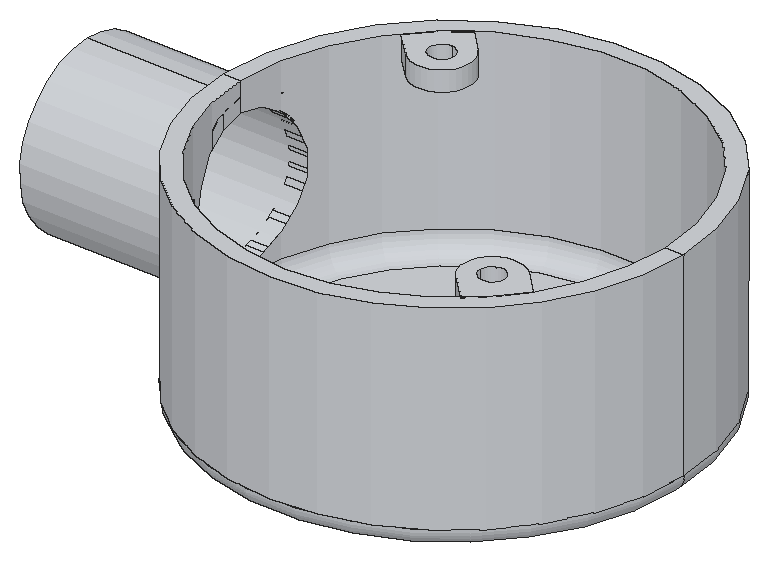
Revit family "CL1G", category Generic Models, Revit 2017
Family settings
  Can host rebar = No
  Round Connector Dimension = Use Diameter
  Part Type = Normal
  Work Plane-Based = Yes
  Always vertical = No
  Cut with Voids When Loaded = No
  Shared = No
  Room Calculation Point = No
Parameters (values of type "NBS Standard Parameters")
  Weight = "0.226Kg"
  WarrantyStartDate [instance] = "1900-12-31T23:59:59"
  WarrantyGuarantorParts = "n/a"
  WarrantyGuarantorLabor = "n/a"
  WarrantyDurationUnit = "1 year"
  WarrantyDurationParts = "n/a"
  WarrantyDurationLabor = "n/a"
  WarrantyDescription = "n/a"
  Version = "1"
  Uniclass2 = "Pr_65_70_11_20"
  TagNumber [instance] = "n/a"
  SustainabilityPerformance = ""
  Size = "20mm"
  Shape = "Circular"
  SerialNumber [instance] = "n/a"
  Revision = "n/a"
  ReplacementCost = "n/a"
  ProductInformation = ""
  NominalWidth = 66 mm
  NominalLength = 66 mm
  NominalHeight = 30 mm
  Name = ""
  NBSTypeID = ""
  NBSReference = "90-55-10/460"
  NBSOfficeMasterTag = ""
  NBSNote = ""
  NBSDescription = "Conduit Fittings"
  NBSCertification = ""
  ModelReference = "CL1G"
  ModelNumber = "n/a"
  Material = "Malleable Iron"
  ManufacturerURL = "www.metpro.co.uk"
  ManufacturerName = "Metpro ltd"
  Keynote = ""
  InstallationDate [instance] = "1900-12-31T23:59:59"
  IfcExportType = ""
  IfcExportAs = ""
  Grade = "n/a"
  Finish = "Galvanised"
  Features = "n/a"
  ExpectedLife = "n/a"
  DurationUnit = "year"
  Description = "CL1G - 20mm Terminal Malleable Conduit Box-Conlok"
  Default Elevation = 1219.2 mm
  Constituents = "n/a"
  Color = "n/a"
  CodePerformance = "n/a"
  Category = "n/a"
  BarCode [instance] = "n/a"
  BIMObjectName = "Metpro_metprolibrary_Conduitfittings_Metalcomponents_Malleablecircularbox"
  Author = "Metpro Ltd"
  AssetType = ""
  AssetIdentifier [instance] = "n/a"
  AccessibilityPerformance = "n/a"
Reference planes
  plane 1 "Center (Front/Back)": y = 0
  plane 2: z = 0
  plane 3 "Center (Left/Right)": x = 0
Forms (mm)
  Revolve 1, solid
    sketch origin (48.178, 99.234, -25.271) x (1, 0, 0) y (0, 0, 1)
      loop
        line (-32.5, 40.541) -> (-32.5, 12.5)
        arc (-32.5, 12.5) -> (-31.768, 10.732) -> (-30, 10) r 2.5
        line (-30, 10) -> (0, 10) -> (0, 12.541) -> (-27, 12.541)
        arc (-27, 12.541) -> (-29.121, 13.42) -> (-30, 15.541) r 3
        line (-30, 15.541) -> (-30, 40.541) -> (-32.5, 40.541)
      axis (0, 10) -> (0, 40.541)
    angle from 0 to 360
  Extrusion 2, solid
    sketch origin (48.178, 99.234, 15.271) x (0, 1, 0) y (-1, 0, 0)
      loop
        arc (-13.805, -21.577) -> (-13.887, -16.02) -> (-19.441, -15.821) r 4.033
        line (-19.441, -15.821) -> (-22.946, -19.326)
        arc (-22.946, -19.326) -> (-20.14, -22.235) -> (-16.968, -24.74) r 30
        line (-16.968, -24.74) -> (-13.805, -21.577)
      loop
        circle (-16.769, -18.842) r 1.752
      loop
        line (21.577, 13.805) -> (24.74, 16.968)
        arc (24.74, 16.968) -> (22.235, 20.14) -> (19.326, 22.946) r 30
        line (19.326, 22.946) -> (15.821, 19.441)
        arc (15.821, 19.441) -> (16.02, 13.887) -> (21.577, 13.805) r 4.033
      loop
        circle (18.842, 16.769) r 1.752
    from -2.782 to 0
  Extrusion 3, void
    sketch origin (48.178, 99.234, -25.271) x (0, 0, 1) y (0, -1, 0)
      loop
        circle (26.504, 0.168) r 10
    from -50.363 to -22.121
  Extrusion 4, solid
    sketch origin (46.678, 99.234, -24.021) x (0, 0, 1) y (0, 1, 0)
      loop
        circle (25.254, -0.168) r 10
      loop
        circle (25.254, -0.168) r 12
    from 24.792 to 50
  Extrusion 5, void
    sketch origin (48.178, 99.234, 15.271) x (-1, 0, 0) y (0, 1, 0)
      loop
        arc (20.625, -21.785) -> (27.557, -11.858) -> (30, 0) r 30
        arc (30, 0) -> (28.797, 8.412) -> (25.283, 16.148) r 30
        line (25.283, 16.148) -> (20.625, -21.785)
    from 0 to 28.793
Cuts and joins
  Extrusion 3 cuts Revolve 1
  Extrusion 3, Extrusion 5 cuts Extrusion 4
Dimensions and locks
  aligned and locked: level to plane 2
